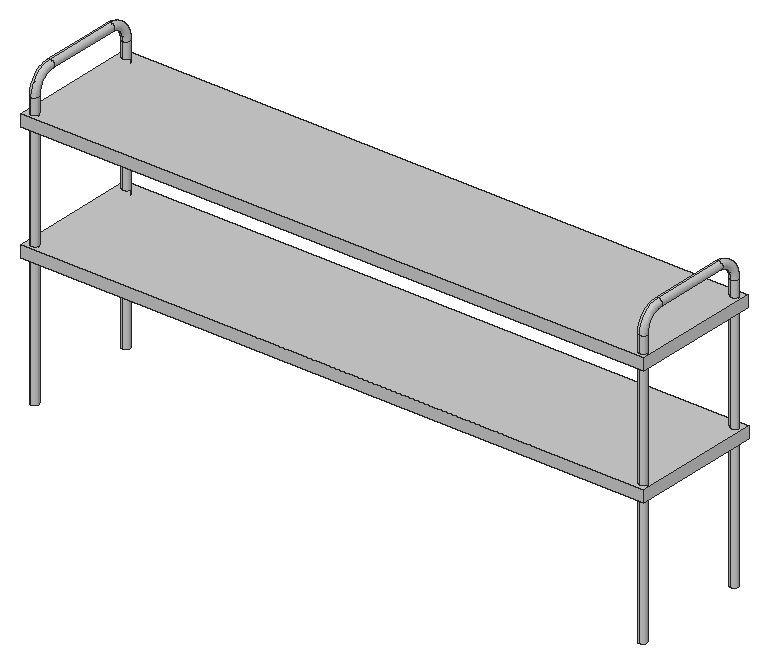
Revit family "QF_INOMAK_RD316_250610125452", category Specialty Equipment, Revit 2021
Family settings
  Round Connector Dimension = Use Diameter
  Part Type = Normal
  OmniClass Number = 23.40.40.14
  OmniClass Title = Food Service Equipment
  Work Plane-Based = No
  Always vertical = Yes
  Cut with Voids When Loaded = No
  Shared = No
  Room Calculation Point = No
Parameters (values of type "RD316")
  Weight [instance] = 15.00 kg
  Warranty Start Date [instance] = ""
  Warranty Duration [instance] = ""
  URL Recommended Spares List [instance] = ""
  URL Manufacturer [instance] = ""
  URL Cutsheet [instance] = ""
  URL Critical Spares List [instance] = ""
  URL = "www.inomak.com"
  Technical Documentation [instance] = ""
  Tag Number [instance] = ""
  Status [instance] = ""
  Specification by User [instance] = ""
  Specification by Manufacturer [instance] = ""
  Sound Level [instance] = ""
  Show Logo [instance] = yes
  Show Clearances [instance] = yes
  Service Life Duration [instance] = ""
  Serial Number [instance] = ""
  Seismic Rating [instance] = ""
  SMACNA No [instance] = ""
  Revision Code [instance] = ""
  Revision [instance] = ""
  Production Year [instance] = ""
  Point Load [instance] = 0
  Other Equipment Approvals [instance] = ""
  NAFEM Spec ID Number [instance] = ""
  Model Warning [instance] = ""
  Model = "RD316"
  Masterspec [instance] = ""
  Manufacturer = "INOMAK"
  Length Actual [instance] = 1592 mm
  Item Number [instance] = ""
  Installed By [instance] = ""
  Installation Date [instance] = ""
  Identify Quantity as Lot [instance] = no
  ID [instance] = ""
  Hygiene Approval [instance] = ""
  Height Actual [instance] = 763 mm
  Furnished By [instance] = ""
  Foodservice Equipment Identifier [instance] = no
  ETL Approved [instance] = no
  Description = "TOP FITTED DOUBLE SHELF"
  Depth Actual [instance] = 332 mm
  Default Elevation = 0 mm
  Cost = 0
  CSI MasterFormat [instance] = ""
  CE Approved [instance] = no
  Barcode [instance] = 0
  Author [instance] = ""
  Asset Identifier [instance] = ""
  Accessory [instance] = no
Reference planes
  plane 1 "Center (Front/Back)": y = 0
  plane 2: z = 0
  plane 3 "Center (Left/Right)": x = 0
Dimensions and locks
  aligned and locked: level to plane 2
Nested families
  nested 1: "QF_INOMAK_GANTRIES_DOUBLE_SHELF_2920" at (0, 0, 0), type "RD316"
    with Weight 15.00 kg, Warranty Start Date "", Warranty Duration "", URL Cutsheet "", Technical Documentation "", Tag Number "", Status "", Specification by User "", Specification by Manufacturer "", Sound Level "", Solid Fuel Type "", Show Logo yes, Show Clearances yes, Service Life Duration "", Serial Number "", Seismic Rating "", SMACNA No "", Revision Code "", Revision "", Production Year "", Point Load 0, Other Equipment Approvals "", NAFEM Spec ID Number "", Model Warning "", Masterspec "", Length Actual 1592 mm, Item Number "", Installed By "", Installation Date "", Identify Quantity as Lot yes, ID "", Hygiene Approval "", Height Actual 763 mm, Furnished By "", Foodservice Equipment Identifier yes, ETL Approved yes, Depth Actual 332 mm, CSI MasterFormat "", CE Approved yes, Barcode "", Author "", Asset Identifier "", Accessory no
Definition of nested family "QF_INOMAK_GANTRIES_DOUBLE_SHELF_2920"
  Parameters (values of type "RD314")
    Weight [instance] = 0.00 kg
    Warranty Start Date [instance] = ""
    Warranty Duration [instance] = ""
    URL Cutsheet [instance] = ""
    URL = "www.inomak.com"
    Technical Documentation [instance] = ""
    Tag Number [instance] = ""
    Status [instance] = ""
    Specification by User [instance] = ""
    Specification by Manufacturer [instance] = ""
    Sound Level [instance] = ""
    Solid Fuel Type [instance] = ""
    Show Logo [instance] = yes
    Show Clearances [instance] = yes
    Service Life Duration [instance] = ""
    Serial Number [instance] = ""
    Seismic Rating [instance] = ""
    SMACNA No [instance] = ""
    Revision Code [instance] = ""
    Revision [instance] = ""
    Production Year [instance] = ""
    Point Load [instance] = 0
    Other Equipment Approvals [instance] = ""
    NAFEM Spec ID Number [instance] = ""
    Model Warning [instance] = ""
    Model = "RD314"
    Masterspec [instance] = ""
    Manufacturer = "INOMAK"
    Length Actual [instance] = 1392 mm
    Item Number [instance] = ""
    Installed By [instance] = ""
    Installation Date [instance] = ""
    Identify Quantity as Lot [instance] = yes
    ID [instance] = ""
    Hygiene Approval [instance] = ""
    Height Actual [instance] = 763 mm
    Furnished By [instance] = ""
    Foodservice Equipment Identifier [instance] = yes
    ETL Approved [instance] = yes
    Description = "TOP FITTED DOUBLE SHELF"
    Depth Actual [instance] = 332 mm
    Default Elevation = 0 mm
    CSI MasterFormat [instance] = ""
    CE Approved [instance] = yes
    Barcode [instance] = ""
    Author [instance] = ""
    Asset Identifier [instance] = ""
    Assembly Code = "E1090320"
    Accessory [instance] = yes
  Types (5, lengths in mm): name | Model | Length Actual
    RD311 | "RD311" | 1092
    RD314 | "RD314" | 1392
    RD316 | "RD316" | 1592
    RD318 | "RD318" | 1792
    RD319 | "RD319" | 1892
  Reference planes
    plane 1 "Back": y = 0
    plane 2: z = 0
    plane 3 "Left": x = 0
    plane 4 "Right": x = 1392
    plane 5 "Front": y = -332
    plane 6 "Top": z = 763
    plane 7: z = 663
    plane 8: z = 363
  Forms (mm)
    Extrusion 1, solid
      sketch origin (0, 0, 663) x (0, 1, 0) y (-1, 0, 0)
        loop
          line (0, 0) -> (-332, 0) -> (-332, -1392) -> (0, -1392) -> (0, 0)
      from 0 to -30
    Sweep 2, solid
      path origin (0, 0, 0) x (0, 1, 0) y (0, 0, 1)
        loop
          line (-20, 0) -> (-20, 703)
          arc (-20, 703) -> (-34.645, 738.355) -> (-70, 753) r 50
          line (-70, 753) -> (-262, 753)
          arc (-262, 753) -> (-297.355, 738.355) -> (-312, 703) r 50
          line (-312, 703) -> (-312, 0)
      profile origin (0, -20, 351.5) x (0, -1, 0) y (1, 0, 0)
        loop
          circle (0, 20) r 10
    Sweep 3, solid
      path origin (1392, -1434.717, 4000) x (0, -1, 0) y (0, 0, 1)
        loop
          line (-1414.717, -4000) -> (-1414.717, -3297)
          arc (-1414.717, -3297) -> (-1400.073, -3261.645) -> (-1364.717, -3247) r 50
          line (-1364.717, -3247) -> (-1172.717, -3247)
          arc (-1172.717, -3247) -> (-1137.362, -3261.645) -> (-1122.717, -3297) r 50
          line (-1122.717, -3297) -> (-1122.717, -4000)
      profile origin (1392, -20, 351.5) x (0, 1, 0) y (-1, 0, 0)
        loop
          circle (0, 20) r 10
    Extrusion 4, solid
      sketch origin (0, 0, 363) x (0, 1, 0) y (-1, 0, 0)
        loop
          line (0, 0) -> (-332, 0) -> (-332, -1392) -> (0, -1392) -> (0, 0)
      from 0 to -30
  Lines and regions (mm)
    symbolic lines
      curve 1: line (0, 0, 0) -> (1392, 0, 0)
      curve 2: line (0, -332, 0) -> (0, 0, 0)
      curve 3: line (1392, -332, 0) -> (0, -332, 0)
      curve 4: line (1392, 0, 0) -> (1392, -332, 0)
      curve 5: arc (10, -20, 0) -> (20, -10, 0) -> (30, -20, 0) r 10
      curve 6: arc (10, -312, 0) -> (20, -322, 0) -> (30, -312, 0) r 10
      curve 7: line (30, -312, 0) -> (30, -20, 0)
      curve 8: line (10, -20, 0) -> (10, -312, 0)
      curve 9: arc (1382, -20, 0) -> (1372, -10, 0) -> (1362, -20, 0) r 10
      curve 10: arc (1382, -312, 0) -> (1372, -322, 0) -> (1362, -312, 0) r 10
      curve 11: line (1362, -312, 0) -> (1362, -20, 0)
      curve 12: line (1382, -20, 0) -> (1382, -312, 0)
  Dimensions and locks
    "Length Actual": plane 3 "Left" to plane 4 "Right"
    "Depth Actual": plane 5 "Front" to plane 1 "Back"
    "Height Actual": plane 6 "Top" to plane 2
    locked: plane 6 "Top" to plane 7 at 100
    locked: plane 7 to plane 8 at 300
    aligned and locked: level to plane 2
  Automatic sketch dimensions
    curve 3 to plane 3 "Left" = 0 mm
    curve 3 to plane 4 "Right" = 0 mm
    curve 3 to plane 5 "Front" = 0 mm
    plane 1 "Back" to curve 2 = 0 mm
    plane 3 "Left" to curve 8 = 10 mm
    curve 6 to curve 6 = 10 mm
    plane 4 "Right" to curve 11 = 30 mm
    curve 9 to curve 9 = 10 mm
    plane 5 "Front" to curve 11 = 20 mm
    plane 5 "Front" to curve 7 = 20 mm
    plane 1 "Back" to curve 7 = 20 mm
    plane 1 "Back" to curve 9 = 20 mm
    Extrusion 1 sketch curve to plane 3 "Left" = 0 mm
    Extrusion 1 sketch curve to plane 5 "Front" = 0 mm
    plane 1 "Back" to Extrusion 1 sketch curve = 0 mm
    Extrusion 1 sketch curve to plane 4 "Right" = 0 mm
    Sweep 2 sketch curve to level = 0 mm  (x2)
    plane 5 "Front" to Sweep 2 sketch curve = 20 mm
    Sweep 2 sketch curve to plane 6 "Top" = 10 mm
    plane 5 "Front" to Sweep 2 sketch curve = 70 mm
    plane 1 "Back" to Sweep 2 sketch curve = 70 mm
    plane 1 "Back" to Sweep 2 sketch curve = 20 mm
    Sweep 2 sketch curve to profile plane = 0 mm
    plane 3 "Left" to Sweep 2 sketch curve = 20 mm
    Sweep 3 sketch curve to level = 0 mm  (x2)
    plane 1 "Back" to Sweep 3 sketch curve = 20 mm
    plane 7 to Sweep 3 sketch curve = 40 mm
    Sweep 3 sketch curve to Sweep 3 sketch curve = 50 mm
    plane 5 "Front" to Sweep 3 sketch curve = 70 mm
    plane 5 "Front" to Sweep 3 sketch curve = 20 mm
    profile plane to Sweep 3 sketch curve = 0 mm
    plane 4 "Right" to Sweep 3 sketch curve = 20 mm
    Extrusion 4 sketch curve to plane 3 "Left" = 0 mm
    Extrusion 4 sketch curve to plane 5 "Front" = 0 mm
    plane 1 "Back" to Extrusion 4 sketch curve = 0 mm
    Extrusion 4 sketch curve to plane 4 "Right" = 0 mm
    radius of Sweep 2 sketch curve = 10 mm
    radius of Sweep 3 sketch curve = 10 mm
